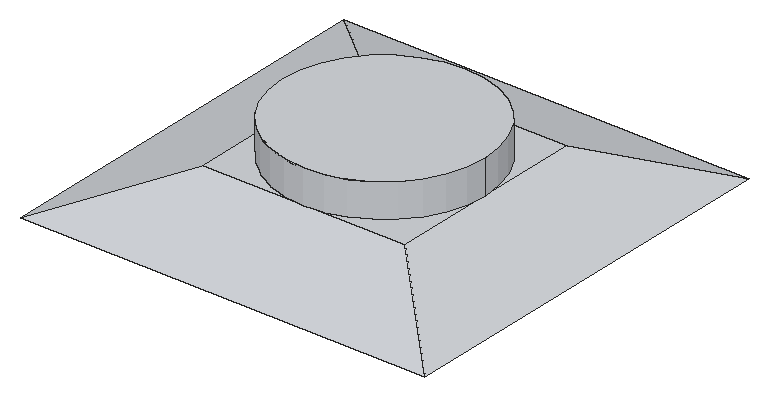
Revit family "76d82763b9be449cb16911099c2c0b75", category Air Terminals, Revit 2021
Family settings
  Round Connector Dimension = Use Radius
  Part Type = Normal
  OmniClass Number = 23.75.70.21.27.11
  OmniClass Title = Diffusers, Registers, and Grilles
  Seek Item ID = Supply Diffuser - Rectangular Face Round Neck-0000-USA-ENU
  Work Plane-Based = No
  Always vertical = Yes
  Cut with Voids When Loaded = No
  Shared = No
  Room Calculation Point = No
Parameters (values of type "12x12 - 6 Neck")
  Width 1 = Diffuser Width 1 * 0.65  # 0' - 7.8"
  Length = if(Diffuser Width 1 > Diffuser Height 1, Diffuser Width 1, Diffuser Height 1)  # 1' - 0"
  Height 1 = Diffuser Height 1 * 0.65  # 0' - 7.8"
  Duct Radius = 3"
  Duct Diameter = Duct Radius * 2  # 6"
  Diffuser Height 1 = 1' - 0"
  Diffuser Width 1 = 1' - 0"
  UpArrow [instance] = yes
  Pressure Drop [instance] = 0.085 in-wg
  Diffuser Height 2 = 0' - 6"
  Diffuser Width 2 = 0' - 6"
  RightArrow [instance] = yes
  LeftArrow [instance] = yes
  Flow [instance] = 500 CFM
  DownArrow [instance] = yes
  Default Elevation = 0' - 0"
  Assembly Code = ""
Types (8): name | Width 1 | Length | Height 1 | Duct Radius | Duct Diameter | Diffuser Height 1 | Diffuser Width 1 | Diffuser Height 2 | Diffuser Width 2
  12x12 - 6 Neck | 0' - 7.8" | 1' - 0" | 0' - 7.8" | 3" | 6" | 1' - 0" | 1' - 0" | 0' - 6" | 0' - 6"
  12x12 - 8 Neck | 0' - 7.8" | 1' - 0" | 0' - 7.8" | 4" | 8" | 1' - 0" | 1' - 0" | 0' - 9" | 0' - 9"
  24x24 - 6 Neck | 1' - 3.6" | 2' - 0" | 1' - 3.6" | 3" | 6" | 2' - 0" | 2' - 0" | 0' - 6" | 0' - 6"
  24x24 - 8 Neck | 1' - 3.6" | 2' - 0" | 1' - 3.6" | 4" | 8" | 2' - 0" | 2' - 0" | 0' - 9" | 0' - 9"
  24x24 - 10 Neck | 1' - 3.6" | 2' - 0" | 1' - 3.6" | 5" | 10" | 2' - 0" | 2' - 0" | 1' - 0" | 1' - 0"
  24x24 - 12 Neck | 1' - 3.6" | 2' - 0" | 1' - 3.6" | 6" | 12" | 2' - 0" | 2' - 0" | 1' - 0" | 1' - 0"
  24x24 - 14 Neck | 1' - 3.6" | 2' - 0" | 1' - 3.6" | 7" | 14" | 2' - 0" | 2' - 0" | 1' - 3" | 1' - 3"
  24x24 - 16 Neck | 1' - 3.6" | 2' - 0" | 1' - 3.6" | 8" | 16" | 2' - 0" | 2' - 0" | 1' - 6" | 1' - 6"
Reference planes (in)
  plane 1 "Center (Front/Back)": y = 0
  plane 2: z = 0
  plane 3 "Center (Left/Right)": x = 0
  plane 4: x = 18
  plane 5: y = 18
  plane 6: x = -18
  plane 7: y = -18
Forms (in)
  Blend 1, solid
    base sketch origin (0, 0, 0) x (1, 0, 0) y (0, 1, 0)
      loop
        line (-6, 6) -> (-6, -6) -> (6, -6) -> (6, 6) -> (-6, 6)
    top sketch origin (0, 0, 0) x (1, 0, 0) y (0, 1, 0)
      loop
        line (-3, 3) -> (-3, -3) -> (3, -3) -> (3, 3) -> (-3, 3)
    from 0 to 1.125
  Extrusion 2, solid
    sketch origin (0, 0, 0) x (1, 0, 0) y (0, 1, 0)
      loop
        circle (0, 0) r 3
    from 1.125 to 2.125
Lines and regions (in)
  symbolic lines
    curve 1: line (-6, 6, 0) -> (6, 6, 0)
    curve 2: line (6, 6, 0) -> (6, -6, 0)
    curve 3: line (6, -6, 0) -> (-6, -6, 0)
    curve 4: line (-6, -6, 0) -> (-6, 6, 0)
    curve 5: line (-6, 6, 0) -> (6, -6, 0)
    curve 6: line (-6, -6, 0) -> (6, 6, 0)
Dimensions and locks (in)
  equal spacing: Blend 1 sketch curve, plane 3 "Center (Left/Right)", Blend 1 sketch curve  (x2)
  "Diffuser Width 1": Blend 1 sketch curve to Blend 1 sketch curve
  equal spacing: Blend 1 sketch curve, plane 1 "Center (Front/Back)", Blend 1 sketch curve  (x2)
  "Diffuser Height 1": Blend 1 sketch curve to Blend 1 sketch curve
  "Diffuser Width 2": Blend 1 sketch curve to Blend 1 sketch curve
  "Diffuser Height 2": Blend 1 sketch curve to Blend 1 sketch curve
  "Width 1": nested 1 to plane 3 "Center (Left/Right)"
  "Width 1": plane 3 "Center (Left/Right)" to nested 3
  "Height 1": nested 4 to plane 1 "Center (Front/Back)"
  "Height 1": nested 2 to plane 1 "Center (Front/Back)"
  "Duct Radius": radius of Extrusion 2 sketch curve
  aligned and locked: curve 1 to Blend 1
  aligned and locked: curve 2 to Blend 1
  aligned and locked: curve 3 to Blend 1
  aligned and locked: curve 4 to Blend 1
  aligned and locked: nested 1 to plane 1 "Center (Front/Back)"
  aligned and locked: plane 1 "Center (Front/Back)" to nested 3
  aligned and locked: nested 2 to plane 3 "Center (Left/Right)"
  aligned and locked: plane 3 "Center (Left/Right)" to nested 4
Automatic sketch dimensions
  Extrusion 2 sketch curve to plane 1 "Center (Front/Back)" = 0' - 0"
  Extrusion 2 sketch curve to plane 3 "Center (Left/Right)" = 0' - 0"
Nested families (in)
  nested 1: "Duct Terminal Arrow" at (-7.8, 0, 0) x (-1, 0, 0) z (0, 0, 1), visible <- "LeftArrow", type "Duct Terminal Arrow"
  nested 2: "Duct Terminal Arrow" at (0, -7.8, 0) x (0, -1, 0) z (0, 0, 1), visible <- "DownArrow", type "Duct Terminal Arrow"
  nested 3: "Duct Terminal Arrow" at (7.8, 0, 0), visible <- "RightArrow", type "Duct Terminal Arrow"
  nested 4: "Duct Terminal Arrow" at (0, 7.8, 0) x (0, 1, 0) z (0, 0, 1), visible <- "UpArrow", type "Duct Terminal Arrow"
Connectors (in)
  hvac at (0, 0, 2.125), driven by "Duct Radius", driven by "Flow", driven by "Pressure Drop"
    settings: on Extrusion 2, index 0, duct flow 500 CFM, flow factor 0, pres drop 0.085 in-wg, loss coef 0, conn angle 0.00°, conn width 12", conn height 12", conn diameter 6", duct sys type 1, conn prof type 0, flow config 1, flow direction 1, loss method 4, conn ref index -1, conn util no, is conn primary yes, conn desc ""
Definition of nested family "Duct Terminal Arrow"
  Parameters
    Width = (Length / 2) / cos(15.00°)  # 1.03528"
    Length = 2"
  Reference planes (in)
    plane 1 "Center (Front/Back)": y = 0
    plane 2: z = 0
    plane 3 "Center (Left/Right)": x = 0
  Lines and regions (in)
    Filled region 1, type "Concrete Block", in view "Ref. Level"
      outline origin (0, 0, 0) x (1, 0, 0) y (0, 1, 0)
        loop
          line (1, 0.26795) -> (1, -0.26795) -> (2, 0) -> (1, 0.26795)
    detail lines, in view "Ref. Level"
      curve 1: line (0, 0, 0) -> (2, 0, 0)
      curve 2: line (2, 0, 0) -> (1, 0.26795, 0)
      curve 3: line (2, 0, 0) -> (1, -0.26795, 0)
      curve 4: line (1, 0.26795, 0) -> (1, -0.26795, 0)
  Dimensions and locks (in)
    "Length": curve 1 to curve 1
    "Width": curve 2 to curve 2
    "Width": curve 3 to curve 3
    locked: curve 2 to curve 1 (angle 15.00°)
    locked: curve 1 to curve 3 (angle 15.00°)
    aligned and locked: plane 3 "Center (Left/Right)" to curve 1
    aligned and locked: plane 1 "Center (Front/Back)" to curve 1
    aligned and locked: Filled region 1 sketch curve to curve 4
    aligned and locked: Filled region 1 sketch curve to curve 2
    aligned and locked: Filled region 1 sketch curve to curve 3
